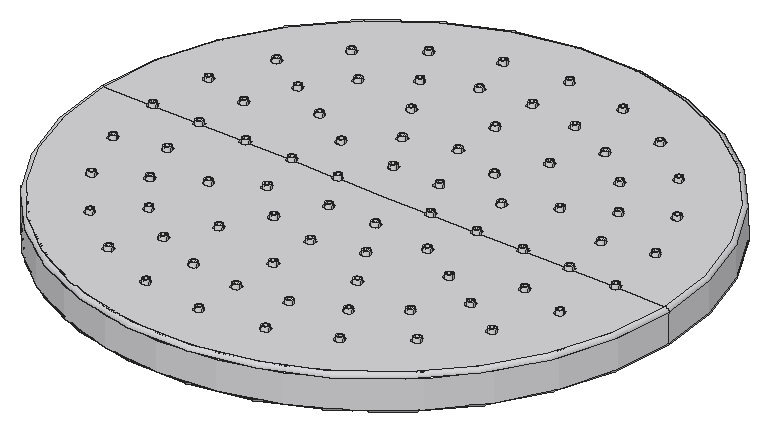
Revit family "Shower-Showerhead-KOHLER-Katalyst-K-73198IN", category Plumbing Fixtures, host Face, Revit 2017 (continued)
Definition of nested family "K-73198IN"
  Automatic sketch dimensions
    curve 566 to curve 567 = 0"  (x2)
    plane 1 "Center (Front/Back)" to curve 566 = 0.00014"
    curve 567 to curve 540 = 0.18758"
    curve 567 to curve 566 = 0.03111"
    curve 568 to curve 569 = 0"  (x2)
    curve 568 to plane 3 "Center (Left/Right)" = 0.00028"
    curve 521 to curve 568 = 0.1212"
    curve 569 to curve 568 = 0.03086"
    plane 1 "Center (Front/Back)" to Extrusion 10 sketch curve = 0"
    Extrusion 10 sketch curve to plane 3 "Center (Left/Right)" = 0"
    plane 9 to Revolve 11 sketch curve = 0"
    Revolve 11 sketch curve to level = 0"  (x2)
    Revolve 11 sketch curve to plane 1 "Center (Front/Back)" = 0"  (x2)
    plane 7 to Revolve 11 sketch curve = 0.02965"
    Revolve 11 sketch curve to Revolve 11 sketch curve = 0.24279"
    plane 7 to Revolve 11 sketch curve = 0.3618"
    Revolve 11 sketch curve to plane 5 = 0.01184"
    plane 9 to Revolve 11 sketch curve = 0.85019"
    Revolve 11 sketch curve to plane 8 = 0.02249"
    Revolve 11 sketch curve to level = 0.59055"
    radius of Extrusion 4 sketch curve = 0.06693"  (x78)
    radius of Extrusion 5 sketch curve = 0.04699"  (x78)
    radius of Extrusion 5 sketch curve = 0.03175"  (x78)
    radius of Masking region 3 sketch curve = 3.99534"
    radius of Extrusion 6 sketch curve = 0.03111"
    radius of Extrusion 7 sketch curve = 0.03111"
    radius of Extrusion 8 sketch curve = 0.03086"
    radius of Extrusion 9 sketch curve = 0.03086"
    radius of Extrusion 10 sketch curve = 0.13647"
